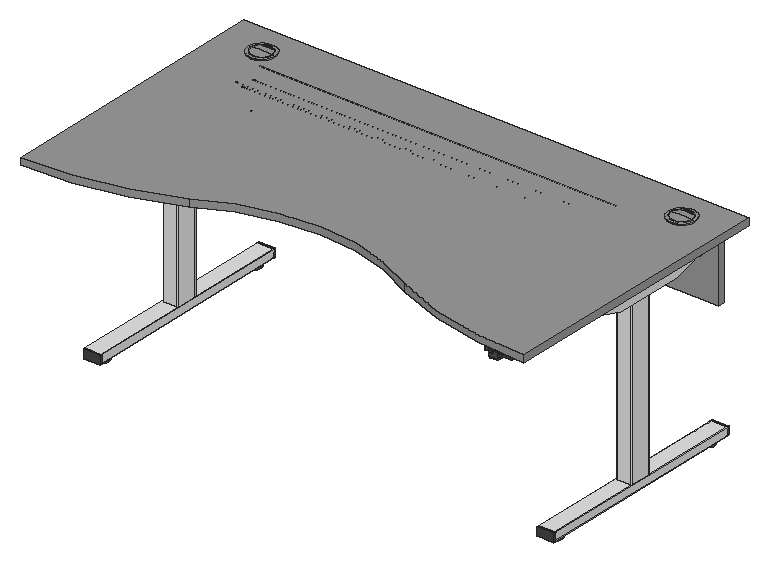
Revit family "Rise LT Double Wave Desk with Cable Ports", category Furniture, Revit 2016
Family settings
  OmniClass Number = 23.40.20.00
  OmniClass Title = General Furniture and Specialties
  Work Plane-Based = No
  Always vertical = Yes
  Cut with Voids When Loaded = No
  Shared = No
  Room Calculation Point = No
Parameters (values of type "1800 x 800 with Modesty Panel & Cable Tray")
  Width = 1800 mm
  URL = "www.gof.co.uk"
  Type Comments = ""
  Range = "RISE LT"
  Product Code = "HDLWD18P"
  Modesty Panel Visible = yes
  Modesty Panel = "BTCPW18"
  HeightControl [instance] = if(Height < 720 mm, 720 mm, (if(Height > 1200 mm, 1200 mm, Height)))  # 727 mm
  Height [instance] = 727 mm
  Desktop = Gresham - Midnight Ash
  Model = ""
  Manufacturer = "Gresham Office Furniture"  # constant formula
  Frame = Gresham - Silver Metal
  Foot = Gresham - Black Plastic
  Cable Tray Visible = yes
  Cable Tray = "MECT18"
  Assembly Code = "E2020200"
Reference planes
  plane 1 "Center (Front/Back)": y = -100
  plane 2: z = 0
  plane 3 "Center (Left/Right)": x = 0
  plane 4: x = -900
  plane 5: x = 900
  plane 6 "Desktop Underside": z = 702
  plane 7: y = 400
  plane 8: y = -600
  plane 9 "Foot": z = 15
  plane 10: z = 727
  plane 11: x = 595.86
  plane 12: x = -595.86
  plane 13 "Controls": x = 850
Forms (mm)
  Extrusion 1, solid, material "Gresham - Midnight Ash" <- "Desktop"
    sketch origin (0, 0, 702) x (-1, 0, 0) y (0, -1, 0)
      loop
        line (-900, 600) -> (-900, -400) -> (900, -400) -> (900, 599.618)
        arc (900, 599.618) -> (637.169, 574.18) -> (386.265, 491.874) r 1200
        arc (386.265, 491.874) -> (0.303, 384.491) -> (-385.659, 491.874) r 747.317
        arc (-385.659, 491.874) -> (-636.837, 574.442) -> (-900, 600) r 1200
    from 0 to 25
  Extrusion 2, solid
    sketch origin (-5, -202, 0) x (0, 1, 0) y (0, 0, 1)
      loop
        arc (244.5, 657) -> (246.621, 657.879) -> (247.5, 660) r 3
        line (247.5, 660) -> (247.5, 699)
        arc (247.5, 699) -> (246.621, 701.121) -> (244.5, 702) r 3
        line (244.5, 702) -> (207, 702) -> (207, 700) -> (244.5, 700)
        arc (244.5, 700) -> (245.207, 699.707) -> (245.5, 699) r 1
        line (245.5, 699) -> (245.5, 660)
        arc (245.5, 660) -> (245.207, 659.293) -> (244.5, 659) r 1
        line (244.5, 659) -> (210, 659)
        arc (210, 659) -> (209.293, 659.293) -> (209, 660) r 1
        line (209, 660) -> (209, 667) -> (207, 667) -> (207, 660)
        arc (207, 660) -> (207.879, 657.879) -> (210, 657) r 3
        line (210, 657) -> (244.5, 657)
    from -590.86 to 600.86
Dimensions and locks
  equal spacing: plane 4, plane 3 "Center (Left/Right)", plane 5
  "Width": plane 4 to plane 5
  equal spacing: plane 7, plane 1 "Center (Front/Back)", plane 8
  locked: plane 7 to plane 8 at 1000
  locked: plane 2 to plane 9 "Foot" at 15
  "HeightControl": plane 10 to level
  plane 10 to plane 6 "Desktop Underside" = 25 mm
  locked: nested 1 to plane 5 at 60
  locked: plane 7 to nested 1 at 12
  locked: nested 2 to plane 4 at 60
  locked: Extrusion 2 sketch curve to Extrusion 2 sketch curve at 41
  locked: plane 7 to nested 2 at 12
  locked: plane 11 to plane 5 at 304.14
  locked: plane 4 to plane 12 at 304.14
  locked: plane 13 "Controls" to plane 5 at 50
  locked: nested 3 to plane 8 at 8
  locked: nested 4 to plane 5 at 150
  locked: plane 7 to nested 4 at 110
  locked: plane 7 to nested 5 at 110
  locked: plane 4 to nested 5 at 150
  locked: plane 4 to nested 6 at 100
  locked: plane 6 "Desktop Underside" to nested 6 at 61.5
  locked: plane 7 to nested 6 at 53.5
  locked: plane 4 to nested 7 at 87
  radius of Extrusion 1 sketch curve = 1200 mm  (x2)
  aligned and locked: level to plane 2
  aligned and locked: plane 10 to Extrusion 1
  aligned and locked: plane 11 to Extrusion 2
  aligned and locked: plane 12 to Extrusion 2
  aligned and locked: nested 3 to plane 13 "Controls"
  aligned and locked: plane 6 "Desktop Underside" to nested 3
  aligned and locked: plane 8 to Extrusion 1 sketch curve
  aligned and locked: plane 10 to nested 4
  aligned and locked: nested 5 to plane 10
  aligned and locked: plane 6 "Desktop Underside" to nested 7
Automatic sketch dimensions
  Extrusion 1 sketch curve to plane 5 = 0 mm
  Extrusion 1 sketch curve to plane 3 "Center (Left/Right)" = 0.304 mm
  Extrusion 1 sketch curve to plane 4 = 0 mm
  Extrusion 1 sketch curve to plane 7 = 0 mm
  plane 5 to Extrusion 1 sketch curve = 16.293 mm
  plane 4 to Extrusion 1 sketch curve = 16.518 mm
  plane 7 to Extrusion 1 sketch curve = 200.269 mm
  Extrusion 2 sketch curve to Extrusion 2 sketch curve = 0 mm  (x7)
  Extrusion 2 sketch curve to plane 6 "Desktop Underside" = 0 mm
  Extrusion 2 sketch curve to plane 1 "Center (Front/Back)" = 105 mm
  Extrusion 2 sketch curve to plane 6 "Desktop Underside" = 2 mm
  Extrusion 2 sketch curve to Extrusion 2 sketch curve = 1 mm  (x2)
  Extrusion 2 sketch curve to Extrusion 2 sketch curve = 37.5 mm
  Extrusion 2 sketch curve to Extrusion 2 sketch curve = 34.5 mm
  Extrusion 2 sketch curve to Extrusion 2 sketch curve = 7 mm
  plane 8 to Extrusion 1 sketch curve = 108.126 mm
  Extrusion 1 sketch curve to Extrusion 1 sketch curve = 0 mm
Nested families
  nested 1: "Rise LT Leg" at (5, -202, 0), Height <- "HeightControl", type "Rise LT Leg"
    with HeightControl 727 mm, Height 727 mm
  nested 2: "Rise LT Leg" at (-5, -202, 0) x (-1, 0, 0) z (0, 0, 1), Height <- "HeightControl", type "Rise LT Leg"
    with HeightControl 727 mm, Height 727 mm
  nested 3: "Controls" at (800, -559.5, 690), type "Controls"
  nested 4: "Cable Port" at (750, 290, 727), type "Round Port"
  nested 5: "Cable Port" at (-750, 290, 727) x (-1, 0, 0) z (0, 0, 1), type "Round Port"
  nested 6: "Cable Tray" at (0, 0, 0), Height <- "Height", type "Cable Tray"
    with HeightControl 727 mm, Height 727 mm
  nested 7: "Modesty Panel" at (0, 0, 0), type "Modesty Panel"
    with HeightControl 727 mm, Height 727 mm
Definition of nested family "Rise LT Leg"
  Parameters (values of type "Rise LT Leg")
    Width = 1800 mm
    URL = "www.gof.co.uk"
    Type Comments = ""
    Range = "RISE LT"
    Product Code = ""
    Model = ""
    Manufacturer = "Gresham Office Furniture"  # constant formula
    HeightControl [instance] = if(Height < 720 mm, 720 mm, (if(Height > 1200 mm, 1200 mm, Height)))  # 727 mm
    Height [instance] = 727 mm
    Frame = none
    Foot = none
    Bung = none
    Assembly Code = "E2020200"
  Reference planes
    plane 1 "Center (Front/Back)": y = 200
    plane 2: z = 0
    plane 3 "Center (Left/Right)": x = 0
    plane 4: x = -900
    plane 5: x = 900
    plane 6 "Desktop": z = 727
    plane 7: y = 600
    plane 8: y = -200
    plane 9 "Foot": z = 15
    plane 10 "Desktop Underside": z = 702
    plane 11 "Max Height": z = 1200
    plane 12 "Max Desktop Underside": z = 1175
  Forms (mm)
    Extrusion 1, solid, material <- "Frame"
      sketch origin (0, 0, 727) x (-1, 0, 0) y (0, -1, 0)
        loop
          line (-827.511, -240) -> (-782.511, -240)
          arc (-782.511, -240) -> (-778.976, -238.536) -> (-777.511, -235) r 5
          line (-777.511, -235) -> (-777.511, -165)
          arc (-777.511, -165) -> (-778.976, -161.464) -> (-782.511, -160) r 5
          line (-782.511, -160) -> (-827.511, -160)
          arc (-827.511, -160) -> (-831.047, -161.464) -> (-832.511, -165) r 5
          line (-832.511, -165) -> (-832.511, -235)
          arc (-832.511, -235) -> (-831.047, -238.536) -> (-827.511, -240) r 5
      from -682 to -82
    Extrusion 2, solid, material <- "Frame"
      sketch origin (0, 200, 0) x (1, 0, 0) y (0, 0, 1)
        loop
          line (833, 45) -> (777, 45)
          arc (777, 45) -> (775.586, 44.414) -> (775, 43) r 2
          line (775, 43) -> (775, 17)
          arc (775, 17) -> (775.586, 15.586) -> (777, 15) r 2
          line (777, 15) -> (833, 15)
          arc (833, 15) -> (834.414, 15.586) -> (835, 17) r 2
          line (835, 17) -> (835, 43)
          arc (835, 43) -> (834.414, 44.414) -> (833, 45) r 2
      from -385 to 385
    Extrusion 3, solid, material <- "Frame"
      sketch origin (0, 200, 70) x (1, 0, 0) y (0, 0, 1)
        loop
          line (842.511, 632) -> (590.86, 632) -> (590.86, 617)
          arc (590.86, 617) -> (599.647, 595.787) -> (620.86, 587) r 30
          line (620.86, 587) -> (842.511, 587) -> (842.511, 632)
      from -47.5 to 47.5
    Extrusion 4, solid, material <- "Frame"
      sketch origin (0, 200, 70) x (1, 0, 0) y (0, 0, 1)
        loop
          line (842.511, 632) -> (842.511, 622) -> (844.511, 622) -> (844.511, 630.159) -> (860.511, 630.159) -> (860.511, 579) -> (843.693, 579) -> (843.693, 582.43) -> (841.693, 582.43) -> (841.693, 577) -> (862.511, 577) -> (862.511, 632) -> (842.511, 632)
      from -275 to 275
    Extrusion 5, void
      sketch origin (870.011, 200, 1175) x (0, 0, 1) y (0, 1, 0)
        loop
          line (-528, 0) -> (-528, 125) -> (-483, 275) -> (-473, 275) -> (-473, 333.867) -> (-576.413, 333.867) -> (-576.413, 0) -> (-576.413, -333.867) -> (-473, -333.867) -> (-473, -275) -> (-483, -275) -> (-528, -125) -> (-528, 0)
      from -29.989 to 70.011
    Extrusion 6, solid, material <- "Frame"
      sketch origin (0, 0, 727) x (-1, 0, 0) y (0, -1, 0)
        loop
          line (-827.511, -238) -> (-782.511, -238)
          arc (-782.511, -238) -> (-780.39, -237.121) -> (-779.511, -235) r 3
          line (-779.511, -235) -> (-779.511, -165)
          arc (-779.511, -165) -> (-780.39, -162.879) -> (-782.511, -162) r 3
          line (-782.511, -162) -> (-827.511, -162)
          arc (-827.511, -162) -> (-829.633, -162.879) -> (-830.511, -165) r 3
          line (-830.511, -165) -> (-830.511, -235)
          arc (-830.511, -235) -> (-829.633, -237.121) -> (-827.511, -238) r 3
      from -82 to -70
    Revolve 7, solid, material <- "Foot"
      sketch origin (0, 540, 0) x (1, 0, 0) y (0, 0, 1)
        loop
          line (804.324, 0) -> (824.324, 0) -> (814.324, 15) -> (804.324, 15) -> (804.324, 0)
        axis (804.324, 15) -> (804.324, 0)
      angle from 0 to 360
    Revolve 8, solid, material <- "Foot"
      sketch origin (0, -140, 0) x (1, 0, 0) y (0, 0, -1)
        loop
          line (804.324, 0) -> (804.324, -15) -> (814.324, -15) -> (824.324, 0) -> (804.324, 0)
        axis (804.324, -15) -> (804.324, 0)
      angle from 0 to 360
    Extrusion 9, solid, material <- "Bung"
      sketch origin (0, 201.489, 0) x (1, 0, 0) y (0, 0, 1)
        loop
          line (833, 45) -> (777, 45)
          arc (777, 45) -> (775.586, 44.414) -> (775, 43) r 2
          line (775, 43) -> (775, 17)
          arc (775, 17) -> (775.586, 15.586) -> (777, 15) r 2
          line (777, 15) -> (833, 15)
          arc (833, 15) -> (834.414, 15.586) -> (835, 17) r 2
          line (835, 17) -> (835, 43)
          arc (835, 43) -> (834.414, 44.414) -> (833, 45) r 2
      from 386.489 to 391.489
    Extrusion 10, solid, material <- "Bung"
      sketch origin (0, 198.511, 0) x (1, 0, 0) y (0, 0, -1)
        loop
          arc (833, -45) -> (834.414, -44.414) -> (835, -43) r 2
          line (835, -43) -> (835, -17)
          arc (835, -17) -> (834.414, -15.586) -> (833, -15) r 2
          line (833, -15) -> (777, -15)
          arc (777, -15) -> (775.586, -15.586) -> (775, -17) r 2
          line (775, -17) -> (775, -43)
          arc (775, -43) -> (775.586, -44.414) -> (777, -45) r 2
          line (777, -45) -> (833, -45)
      from 386.489 to 391.489
  Cuts and joins
    Extrusion 5 cuts Extrusion 4
  Dimensions and locks
    equal spacing: plane 4, plane 3 "Center (Left/Right)", plane 5
    "Width": plane 4 to plane 5
    equal spacing: plane 7, plane 1 "Center (Front/Back)", plane 8
    locked: plane 7 to plane 8 at 800
    locked: plane 9 "Foot" to level at 15
    locked: plane 6 "Desktop" to plane 10 "Desktop Underside" at 25
    locked: plane 5 to Extrusion 2 at 65
    Extrusion 3 to Extrusion 3 = 95 mm
    plane 1 "Center (Front/Back)" to Extrusion 4 = 275 mm
    equal spacing: Extrusion 4, plane 1 "Center (Front/Back)", Extrusion 4
    plane 11 "Max Height" to level = 1200 mm
    locked: Extrusion 3 sketch curve to Extrusion 3 sketch curve at 45
    locked: Extrusion 5 sketch curve to Extrusion 5 sketch curve at 103.413
    "HeightControl": plane 6 "Desktop" to level
    locked: Extrusion 1 to level at 645
    locked: Extrusion 2 to Extrusion 2 at 30
    Extrusion 2 to Revolve 7 = 45 mm
    locked: Extrusion 9 to Extrusion 9 at 5
    locked: Extrusion 5 to plane 5 at 100
    locked: Extrusion 10 to Extrusion 10 at 5
    plane 9 "Foot" to level = 15 mm
    Revolve 8 to Extrusion 9 = 45 mm
    locked: Extrusion 3 to plane 5 at 309.14
    aligned and locked: level to plane 2
    aligned and locked: Extrusion 6 to Extrusion 3
    aligned and locked: Extrusion 6 to Extrusion 1
    aligned and locked: Extrusion 2 to plane 9 "Foot"
    aligned and locked: Extrusion 1 to Extrusion 2
    aligned and locked: Extrusion 2 to Extrusion 9
    aligned and locked: Extrusion 5 to plane 5
    aligned and locked: Extrusion 2 to Extrusion 10
  Automatic sketch dimensions
    plane 1 "Center (Front/Back)" to Extrusion 1 sketch curve = 35 mm
    plane 5 to Extrusion 1 sketch curve = 67.489 mm
    Extrusion 1 sketch curve to Extrusion 1 sketch curve = 5 mm  (x3)
    Extrusion 1 sketch curve to Extrusion 1 sketch curve = 45 mm  (x2)
    Extrusion 1 sketch curve to plane 1 "Center (Front/Back)" = 35 mm
    Extrusion 2 sketch curve to plane 9 "Foot" = 0 mm
    plane 9 "Foot" to Extrusion 2 sketch curve = 2 mm  (x2)
    plane 5 to Extrusion 2 sketch curve = 125 mm
    Extrusion 2 sketch curve to Extrusion 2 sketch curve = 2 mm
    Extrusion 2 sketch curve to Extrusion 2 sketch curve = 56 mm
    Extrusion 2 sketch curve to Extrusion 2 sketch curve = 0 mm
    Extrusion 2 sketch curve to Extrusion 2 sketch curve = 26 mm
    Extrusion 3 sketch curve to plane 10 "Desktop Underside" = 0 mm
    plane 3 "Center (Left/Right)" to Extrusion 3 sketch curve = 590.86 mm
    Extrusion 3 sketch curve to Extrusion 3 sketch curve = 30 mm
    plane 5 to Extrusion 3 sketch curve = 57.489 mm
    Extrusion 4 sketch curve to plane 10 "Desktop Underside" = 0 mm
    plane 5 to Extrusion 4 sketch curve = 58.307 mm
    Extrusion 4 sketch curve to plane 10 "Desktop Underside" = 10 mm
    Extrusion 4 sketch curve to Extrusion 4 sketch curve = 0.819 mm
    Extrusion 4 sketch curve to Extrusion 4 sketch curve = 2 mm  (x4)
    Extrusion 4 sketch curve to plane 10 "Desktop Underside" = 1.841 mm
    Extrusion 4 sketch curve to Extrusion 4 sketch curve = 16 mm
    Extrusion 4 sketch curve to Extrusion 4 sketch curve = 39.57 mm
    Extrusion 4 sketch curve to Extrusion 4 sketch curve = 3.43 mm
    Extrusion 5 sketch curve to plane 1 "Center (Front/Back)" = 0 mm  (x2)
    Extrusion 5 sketch curve to plane 10 "Desktop Underside" = 0 mm  (x2)
    Extrusion 5 sketch curve to plane 10 "Desktop Underside" = 55 mm
    Extrusion 5 sketch curve to plane 10 "Desktop Underside" = 10 mm  (x2)
    Extrusion 5 sketch curve to Extrusion 5 sketch curve = 125 mm
    plane 8 to Extrusion 5 sketch curve = 125 mm
    Extrusion 5 sketch curve to Extrusion 5 sketch curve = 58.867 mm
    Extrusion 5 sketch curve to plane 1 "Center (Front/Back)" = 125 mm
    Extrusion 5 sketch curve to plane 7 = 125 mm
    Extrusion 5 sketch curve to plane 7 = 66.133 mm
    plane 1 "Center (Front/Back)" to Extrusion 6 sketch curve = 35 mm
    plane 5 to Extrusion 6 sketch curve = 69.489 mm
    Extrusion 6 sketch curve to Extrusion 6 sketch curve = 3 mm  (x3)
    Extrusion 6 sketch curve to Extrusion 6 sketch curve = 45 mm  (x2)
    Extrusion 6 sketch curve to plane 1 "Center (Front/Back)" = 35 mm
    Revolve 7 sketch curve to level = 0 mm
    Revolve 7 sketch curve to plane 9 "Foot" = 0 mm  (x2)
    plane 5 to Revolve 7 sketch curve = 95.676 mm
    Revolve 7 sketch curve to Revolve 7 sketch curve = 10 mm  (x2)
    Revolve 7 sketch curve to Revolve 7 sketch curve = 0 mm
    Revolve 7 sketch curve to Revolve 7 sketch curve = 11.548 mm
    Revolve 8 sketch curve to level = 0 mm
    Revolve 8 sketch curve to plane 9 "Foot" = 0 mm  (x2)
    plane 5 to Revolve 8 sketch curve = 95.676 mm
    Revolve 8 sketch curve to Revolve 8 sketch curve = 10 mm  (x2)
    Revolve 8 sketch curve to Revolve 8 sketch curve = 0 mm
    Revolve 8 sketch curve to Revolve 8 sketch curve = 11.548 mm
    Extrusion 9 sketch curve to plane 9 "Foot" = 0 mm
    plane 9 "Foot" to Extrusion 9 sketch curve = 28 mm
    plane 5 to Extrusion 9 sketch curve = 125 mm
    Extrusion 9 sketch curve to Extrusion 9 sketch curve = 2 mm  (x3)
    Extrusion 9 sketch curve to Extrusion 9 sketch curve = 56 mm
    Extrusion 9 sketch curve to Extrusion 9 sketch curve = 0 mm
    Extrusion 10 sketch curve to plane 9 "Foot" = 0 mm
    plane 9 "Foot" to Extrusion 10 sketch curve = 28 mm
    plane 5 to Extrusion 10 sketch curve = 125 mm
    Extrusion 10 sketch curve to Extrusion 10 sketch curve = 2 mm  (x3)
    Extrusion 10 sketch curve to Extrusion 10 sketch curve = 56 mm
    Extrusion 10 sketch curve to Extrusion 10 sketch curve = 0 mm
Definition of nested family "Controls"
  Parameters (values of type "Controls")
    URL = "www.gof.co.uk"
    Rubber Keys = none
    Range = "RANGE LT"
    Product Code = "Controls"
    Plastic Case = none
    Manufacturer = "Gresham Office Furniture"  # constant formula
  Reference planes
    plane 1 "Center (Front/Back)": y = 0
    plane 2: z = 0
    plane 3 "Center (Left/Right)": x = 0
  Forms (mm)
    Extrusion 1, solid, material <- "Plastic Case"
      sketch origin (0, 0, 0) x (1, 0, 0) y (0, 1, 0)
        loop
          arc (-45, 32.5) -> (-48.536, 31.036) -> (-50, 27.5) r 5
          line (-50, 27.5) -> (-50, -27.5)
          arc (-50, -27.5) -> (-48.536, -31.036) -> (-45, -32.5) r 5
          line (-45, -32.5) -> (45, -32.5)
          arc (45, -32.5) -> (48.536, -31.036) -> (50, -27.5) r 5
          line (50, -27.5) -> (50, 27.5)
          arc (50, 27.5) -> (48.536, 31.036) -> (45, 32.5) r 5
          line (45, 32.5) -> (-45, 32.5)
      from 0 to 12
    Sweep 2, solid, material <- "Plastic Case"
      path origin (0, 0, 2) x (0, 1, 0) y (0, 0, 1)
        loop
          line (-32.5, 6) -> (-36.392, 6)
          arc (-36.392, 6) -> (-37.474, 5.881) -> (-38.505, 5.532) r 5
          line (-38.505, 5.532) -> (-55.626, -2.452)
      profile origin (0, -34.446, 8) x (0, 0, -1) y (1, 0, 0)
        loop
          line (-4, 30) -> (-4, -30) -> (4, -30) -> (4, 30) -> (-4, 30)
    Extrusion 3, void
      sketch origin (-30, -40.195, 11.157) x (0, -0.906308, -0.422618) y (1, 0, 0)
        loop
          line (18.892, 75) -> (-7.33, 75) -> (-7.33, 60) -> (10.178, 50.091)
          arc (10.178, 50.091) -> (14.833, 46.912) -> (18.892, 43) r 33.579
          line (18.892, 43) -> (18.892, 75)
      from -13.674 to 7.77
    Extrusion 4, void
      sketch origin (30, -40.195, 11.157) x (0, -0.906308, -0.422618) y (1, 0, 0)
        loop
          line (18.892, -75) -> (18.892, -43)
          arc (18.892, -43) -> (14.833, -46.912) -> (10.178, -50.091) r 33.579
          line (10.178, -50.091) -> (-7.33, -60) -> (-7.33, -75) -> (18.892, -75)
      from -13.674 to 7.77
    Extrusion 5, solid, material <- "Rubber Keys"
      sketch origin (-30, -40.195, 11.157) x (0, -0.906308, -0.422618) y (1, 0, 0)
        loop
          line (0.281, 19.363) -> (8.531, 14.6) -> (8.531, 24.126) -> (0.281, 19.363)
        loop
          line (0.656, 35.874) -> (8.906, 40.637) -> (0.656, 45.4) -> (0.656, 35.874)
      from 0 to 1.5
  Cuts and joins
    Extrusion 3, Extrusion 4 cuts Sweep 2
  Dimensions and locks
    aligned and locked: level to plane 2
Definition of nested family "Cable Port"
  Parameters (values of type "Round Port")
    URL = "www.gof.co.uk"
    Range = "Round Cable Port"
    Product Code = "80mm Round Port"
    Round Cable Port = none
    Manufacturer = "Gresham Office Furniture"  # constant formula
  Reference planes
    plane 1 "Center (Front/Back)": y = 0
    plane 2: z = 0
    plane 3 "Center (Left/Right)": x = 0
  Forms (mm)
    Revolve 1, solid, material <- "Round Cable Port"
      sketch origin (0, 0, 0) x (1, 0, 0) y (0, 0, 1)
        loop
          line (0, 0) -> (47.5, 0) -> (47.5, 1)
          arc (47.5, 1) -> (42.507, 1.801) -> (37.5, 2.514) r 284.031
          line (37.5, 2.514) -> (37.5, 1.257) -> (36.5, 1.257) -> (36.5, 2.645)
          arc (36.5, 2.645) -> (18.288, 4.411) -> (0, 5) r 284.031
          line (0, 5) -> (0, 0)
        axis (0, 5) -> (0, 0)
      angle from 0 to 360
    Extrusion 2, void
      sketch origin (0, 0, 0) x (1, 0, 0) y (0, 1, 0)
        loop
          arc (-27.582, 25.406) -> (0, 21.5) -> (27.582, 25.406) r 99.34
          arc (27.582, 25.406) -> (0, 37.5) -> (-27.582, 25.406) r 37.5
      from -2.617 to 7.057
    Extrusion 3, solid, material <- "Round Cable Port"
      sketch origin (0, 0, 0) x (1, 0, 0) y (0, 1, 0)
        loop
          arc (27.582, 25.406) -> (0, 37.5) -> (-27.582, 25.406) r 37.5
          arc (-27.582, 25.406) -> (0, 21.5) -> (27.582, 25.406) r 99.34
      from 0 to 1
  Cuts and joins
    Extrusion 2 cuts Revolve 1
  Dimensions and locks
    aligned and locked: level to plane 2
Definition of nested family "Cable Tray"
  Parameters (values of type "Cable Tray")
    Width = 1800 mm
    URL = "www.gof.co.uk"
    Type Comments = ""
    Range = "RISE LT"
    Product Code = ""
    Modesty Panel = none
    HeightControl [instance] = if(Height < 720 mm, 720 mm, (if(Height > 1200 mm, 1200 mm, Height)))  # 727 mm
    Height [instance] = 727 mm
    Desktop = none
    Model = ""
    Manufacturer = "Gresham Office Furniture"  # constant formula
    Frame = none
    Foot = none
    Cable Tray Clips = none
    Cable Tray = yes
    Assembly Code = "E2020200"
  Reference planes
    plane 1 "Center (Front/Back)": y = 0
    plane 2: z = 0
    plane 3 "Center (Left/Right)": x = 0
    plane 4: x = -900
    plane 5: x = 900
    plane 6 "Desktop Underside": z = 702
    plane 7: y = 400
    plane 8: y = -400
    plane 9 "Foot": z = 15
    plane 10: z = 727
    plane 11 "Cable Tray Left": x = -800
    plane 12 "Cable Tray Right": x = 800
  Forms (mm)
    Extrusion 1, solid, material <- "Frame", visible <- "Cable Tray"
      sketch origin (0, 12.089, -4.885) x (0, 1, 0) y (0, 0, 1)
        loop
          circle (301.911, 615.385) r 1.5
        loop
          circle (251.911, 615.385) r 1.5
        loop
          circle (220.911, 645.385) r 1.5
        loop
          circle (332.911, 645.385) r 1.5
      from -800 to 800
    Sweep 2, solid, material <- "Frame", visible <- "Cable Tray"
      path in 3D
        loop
          line (0, 341.76, 640.5) -> (0, 333.661, 615.573)
          arc (0, 333.661, 615.573) -> (0, 332.571, 614.073) -> (0, 330.808, 613.5) r 3
          line (0, 330.808, 613.5) -> (0, 247.192, 613.5)
          arc (0, 247.192, 613.5) -> (0, 245.429, 614.073) -> (0, 244.339, 615.573) r 3
          line (0, 244.339, 615.573) -> (0, 236.24, 640.5)
      profile origin (0, 289, 613.5) x (0, 0, 1) y (-1, 0, 0)
        loop
          circle (0, 0) r 1.5
    Sweep 3, solid, material <- "Frame", visible <- "Cable Tray", not visible
      path in 3D
        loop
          line (0, 329.671, 645.385) -> (0, 321.572, 620.458)
          arc (0, 321.572, 620.458) -> (0, 320.482, 618.958) -> (0, 318.719, 618.385) r 3
          line (0, 318.719, 618.385) -> (0, 235.103, 618.385)
          arc (0, 235.103, 618.385) -> (0, 233.34, 618.958) -> (0, 232.25, 620.458) r 3
          line (0, 232.25, 620.458) -> (0, 224.151, 645.385)
      profile origin (0, 276.911, 618.385) x (0, 0, 1) y (-1, 0, 0)
        loop
          circle (0, 0) r 1.5
    Sweep 4, solid, material <- "Frame", visible <- "Cable Tray"
      path in 3D
        loop
          line (800, 342.073, 640.5) -> (800, 333.974, 615.573)
          arc (800, 333.974, 615.573) -> (800, 332.884, 614.073) -> (800, 331.121, 613.5) r 3
          line (800, 331.121, 613.5) -> (800, 247.505, 613.5)
          arc (800, 247.505, 613.5) -> (800, 245.742, 614.073) -> (800, 244.652, 615.573) r 3
          line (800, 244.652, 615.573) -> (800, 236.553, 640.5)
      profile origin (800, 289.313, 613.5) x (0, 0, 1) y (-1, 0, 0)
        loop
          circle (0, 0) r 1.5
    Sweep 5, solid, material <- "Frame", visible <- "Cable Tray"
      path in 3D
        loop
          line (-800, 342.073, 640.5) -> (-800, 333.974, 615.573)
          arc (-800, 333.974, 615.573) -> (-800, 332.884, 614.073) -> (-800, 331.121, 613.5) r 3
          line (-800, 331.121, 613.5) -> (-800, 247.505, 613.5)
          arc (-800, 247.505, 613.5) -> (-800, 245.742, 614.073) -> (-800, 244.652, 615.573) r 3
          line (-800, 244.652, 615.573) -> (-800, 236.553, 640.5)
      profile origin (-800, 289.313, 613.5) x (0, 0, 1) y (-1, 0, 0)
        loop
          circle (0, 0) r 1.5
    Sweep 6, solid, material <- "Frame", visible <- "Cable Tray"
      path in 3D
        loop
          line (100, 341.76, 640.5) -> (100, 333.661, 615.573)
          arc (100, 333.661, 615.573) -> (100, 332.571, 614.073) -> (100, 330.808, 613.5) r 3
          line (100, 330.808, 613.5) -> (100, 247.192, 613.5)
          arc (100, 247.192, 613.5) -> (100, 245.429, 614.073) -> (100, 244.339, 615.573) r 3
          line (100, 244.339, 615.573) -> (100, 236.24, 640.5)
      profile origin (100, 289, 613.5) x (0, 0, 1) y (-1, 0, 0)
        loop
          circle (0, 0) r 1.5
    Sweep 7, solid, material <- "Frame", visible <- "Cable Tray"
      path in 3D
        loop
          line (300, 341.76, 640.5) -> (300, 333.661, 615.573)
          arc (300, 333.661, 615.573) -> (300, 332.571, 614.073) -> (300, 330.808, 613.5) r 3
          line (300, 330.808, 613.5) -> (300, 247.192, 613.5)
          arc (300, 247.192, 613.5) -> (300, 245.429, 614.073) -> (300, 244.339, 615.573) r 3
          line (300, 244.339, 615.573) -> (300, 236.24, 640.5)
      profile origin (300, 289, 613.5) x (0, 0, 1) y (-1, 0, 0)
        loop
          circle (0, 0) r 1.5
    Sweep 8, solid, material <- "Frame", visible <- "Cable Tray"
      path in 3D
        loop
          line (400, 341.76, 640.5) -> (400, 333.661, 615.573)
          arc (400, 333.661, 615.573) -> (400, 332.571, 614.073) -> (400, 330.808, 613.5) r 3
          line (400, 330.808, 613.5) -> (400, 247.192, 613.5)
          arc (400, 247.192, 613.5) -> (400, 245.429, 614.073) -> (400, 244.339, 615.573) r 3
          line (400, 244.339, 615.573) -> (400, 236.24, 640.5)
      profile origin (400, 289, 613.5) x (0, 0, 1) y (-1, 0, 0)
        loop
          circle (0, 0) r 1.5
    Sweep 9, solid, material <- "Frame", visible <- "Cable Tray"
      path in 3D
        loop
          line (500, 341.76, 640.5) -> (500, 333.661, 615.573)
          arc (500, 333.661, 615.573) -> (500, 332.571, 614.073) -> (500, 330.808, 613.5) r 3
          line (500, 330.808, 613.5) -> (500, 247.192, 613.5)
          arc (500, 247.192, 613.5) -> (500, 245.429, 614.073) -> (500, 244.339, 615.573) r 3
          line (500, 244.339, 615.573) -> (500, 236.24, 640.5)
      profile origin (500, 289, 613.5) x (0, 0, 1) y (-1, 0, 0)
        loop
          circle (0, 0) r 1.5
    Sweep 10, solid, material <- "Frame", visible <- "Cable Tray"
      path in 3D
        loop
          line (600, 341.76, 640.5) -> (600, 333.661, 615.573)
          arc (600, 333.661, 615.573) -> (600, 332.571, 614.073) -> (600, 330.808, 613.5) r 3
          line (600, 330.808, 613.5) -> (600, 247.192, 613.5)
          arc (600, 247.192, 613.5) -> (600, 245.429, 614.073) -> (600, 244.339, 615.573) r 3
          line (600, 244.339, 615.573) -> (600, 236.24, 640.5)
      profile origin (600, 289, 613.5) x (0, 0, 1) y (-1, 0, 0)
        loop
          circle (0, 0) r 1.5
    Sweep 11, solid, material <- "Frame", visible <- "Cable Tray"
      path in 3D
        loop
          line (700, 341.76, 640.5) -> (700, 333.661, 615.573)
          arc (700, 333.661, 615.573) -> (700, 332.571, 614.073) -> (700, 330.808, 613.5) r 3
          line (700, 330.808, 613.5) -> (700, 247.192, 613.5)
          arc (700, 247.192, 613.5) -> (700, 245.429, 614.073) -> (700, 244.339, 615.573) r 3
          line (700, 244.339, 615.573) -> (700, 236.24, 640.5)
      profile origin (700, 289, 613.5) x (0, 0, 1) y (-1, 0, 0)
        loop
          circle (0, 0) r 1.5
    Sweep 12, solid, material <- "Frame", visible <- "Cable Tray"
      path in 3D
        loop
          line (200, 341.76, 640.5) -> (200, 333.661, 615.573)
          arc (200, 333.661, 615.573) -> (200, 332.571, 614.073) -> (200, 330.808, 613.5) r 3
          line (200, 330.808, 613.5) -> (200, 247.192, 613.5)
          arc (200, 247.192, 613.5) -> (200, 245.429, 614.073) -> (200, 244.339, 615.573) r 3
          line (200, 244.339, 615.573) -> (200, 236.24, 640.5)
      profile origin (200, 289, 613.5) x (0, 0, 1) y (-1, 0, 0)
        loop
          circle (0, 0) r 1.5
    Sweep 13, solid, material <- "Frame", visible <- "Cable Tray"
      path in 3D
        loop
          line (-100, 341.76, 640.5) -> (-100, 333.661, 615.573)
          arc (-100, 333.661, 615.573) -> (-100, 332.571, 614.073) -> (-100, 330.808, 613.5) r 3
          line (-100, 330.808, 613.5) -> (-100, 247.192, 613.5)
          arc (-100, 247.192, 613.5) -> (-100, 245.429, 614.073) -> (-100, 244.339, 615.573) r 3
          line (-100, 244.339, 615.573) -> (-100, 236.24, 640.5)
      profile origin (-100, 289, 613.5) x (0, 0, 1) y (-1, 0, 0)
        loop
          circle (0, 0) r 1.5
    Sweep 14, solid, material <- "Frame", visible <- "Cable Tray"
      path in 3D
        loop
          line (-300, 341.76, 640.5) -> (-300, 333.661, 615.573)
          arc (-300, 333.661, 615.573) -> (-300, 332.571, 614.073) -> (-300, 330.808, 613.5) r 3
          line (-300, 330.808, 613.5) -> (-300, 247.192, 613.5)
          arc (-300, 247.192, 613.5) -> (-300, 245.429, 614.073) -> (-300, 244.339, 615.573) r 3
          line (-300, 244.339, 615.573) -> (-300, 236.24, 640.5)
      profile origin (-300, 289, 613.5) x (0, 0, 1) y (-1, 0, 0)
        loop
          circle (0, 0) r 1.5
    Sweep 15, solid, material <- "Frame", visible <- "Cable Tray"
      path in 3D
        loop
          line (-400, 341.76, 640.5) -> (-400, 333.661, 615.573)
          arc (-400, 333.661, 615.573) -> (-400, 332.571, 614.073) -> (-400, 330.808, 613.5) r 3
          line (-400, 330.808, 613.5) -> (-400, 247.192, 613.5)
          arc (-400, 247.192, 613.5) -> (-400, 245.429, 614.073) -> (-400, 244.339, 615.573) r 3
          line (-400, 244.339, 615.573) -> (-400, 236.24, 640.5)
      profile origin (-400, 289, 613.5) x (0, 0, 1) y (-1, 0, 0)
        loop
          circle (0, 0) r 1.5
    Sweep 16, solid, material <- "Frame", visible <- "Cable Tray"
      path in 3D
        loop
          line (-500, 341.76, 640.5) -> (-500, 333.661, 615.573)
          arc (-500, 333.661, 615.573) -> (-500, 332.571, 614.073) -> (-500, 330.808, 613.5) r 3
          line (-500, 330.808, 613.5) -> (-500, 247.192, 613.5)
          arc (-500, 247.192, 613.5) -> (-500, 245.429, 614.073) -> (-500, 244.339, 615.573) r 3
          line (-500, 244.339, 615.573) -> (-500, 236.24, 640.5)
      profile origin (-500, 289, 613.5) x (0, 0, 1) y (-1, 0, 0)
        loop
          circle (0, 0) r 1.5
    Sweep 17, solid, material <- "Frame", visible <- "Cable Tray"
      path in 3D
        loop
          line (-600, 341.76, 640.5) -> (-600, 333.661, 615.573)
          arc (-600, 333.661, 615.573) -> (-600, 332.571, 614.073) -> (-600, 330.808, 613.5) r 3
          line (-600, 330.808, 613.5) -> (-600, 247.192, 613.5)
          arc (-600, 247.192, 613.5) -> (-600, 245.429, 614.073) -> (-600, 244.339, 615.573) r 3
          line (-600, 244.339, 615.573) -> (-600, 236.24, 640.5)
      profile origin (-600, 289, 613.5) x (0, 0, 1) y (-1, 0, 0)
        loop
          circle (0, 0) r 1.5
    Sweep 18, solid, material <- "Frame", visible <- "Cable Tray"
      path in 3D
        loop
          line (-700, 341.76, 640.5) -> (-700, 333.661, 615.573)
          arc (-700, 333.661, 615.573) -> (-700, 332.571, 614.073) -> (-700, 330.808, 613.5) r 3
          line (-700, 330.808, 613.5) -> (-700, 247.192, 613.5)
          arc (-700, 247.192, 613.5) -> (-700, 245.429, 614.073) -> (-700, 244.339, 615.573) r 3
          line (-700, 244.339, 615.573) -> (-700, 236.24, 640.5)
      profile origin (-700, 289, 613.5) x (0, 0, 1) y (-1, 0, 0)
        loop
          circle (0, 0) r 1.5
    Sweep 19, solid, material <- "Frame", visible <- "Cable Tray"
      path in 3D
        loop
          line (-200, 341.76, 640.5) -> (-200, 333.661, 615.573)
          arc (-200, 333.661, 615.573) -> (-200, 332.571, 614.073) -> (-200, 330.808, 613.5) r 3
          line (-200, 330.808, 613.5) -> (-200, 247.192, 613.5)
          arc (-200, 247.192, 613.5) -> (-200, 245.429, 614.073) -> (-200, 244.339, 615.573) r 3
          line (-200, 244.339, 615.573) -> (-200, 236.24, 640.5)
      profile origin (-200, 289, 613.5) x (0, 0, 1) y (-1, 0, 0)
        loop
          circle (0, 0) r 1.5
    Extrusion 20, solid, material <- "Cable Tray Clips", visible <- "Cable Tray"
      sketch origin (615, 0, 0) x (0, 1, 0) y (0, 0, 1)
        loop
          arc (346.5, 640.5) -> (345, 639) -> (343.5, 640.5) r 1.5
          line (343.5, 640.5) -> (343.5, 645.926) -> (340.5, 645.926) -> (340.5, 640.5)
          arc (340.5, 640.5) -> (345, 636) -> (349.5, 640.5) r 4.5
          line (349.5, 640.5) -> (349.5, 677.5)
          arc (349.5, 677.5) -> (348.692, 680.415) -> (346.5, 682.5) r 5.667
          arc (346.5, 682.5) -> (322.774, 690.464) -> (297.984, 693.899) r 134.615
          line (297.984, 693.899) -> (297.984, 697) -> (303.984, 697) -> (303.984, 702) -> (279.984, 702) -> (279.984, 697) -> (285.984, 697) -> (285.984, 693.899)
          arc (285.984, 693.899) -> (261.193, 690.464) -> (237.467, 682.5) r 134.615
          arc (237.467, 682.5) -> (235.275, 680.415) -> (234.435, 677.5) r 5.667
          line (234.435, 677.5) -> (234.435, 670.5)
          arc (234.435, 670.5) -> (232.935, 669) -> (231.435, 670.5) r 1.5
          line (231.435, 670.5) -> (231.435, 675.5) -> (228.435, 675.5) -> (228.435, 670.5)
          arc (228.435, 670.5) -> (230.365, 666.806) -> (234.5, 666.281) r 4.5
          line (234.5, 666.281) -> (234.5, 640.5)
          arc (234.5, 640.5) -> (233, 639) -> (231.5, 640.5) r 1.5
          line (231.5, 640.5) -> (231.5, 645.5) -> (228.5, 645.5) -> (228.5, 640.5)
          arc (228.5, 640.5) -> (233, 636) -> (237.5, 640.5) r 4.5
          line (237.5, 640.5) -> (237.5, 677.793)
          arc (237.5, 677.793) -> (237.882, 679.174) -> (238.92, 680.161) r 2.683
          arc (238.92, 680.161) -> (291.984, 691.033) -> (345.047, 680.161) r 134.926
          arc (345.047, 680.161) -> (346.085, 679.174) -> (346.467, 677.793) r 2.683
          line (346.467, 677.793) -> (346.467, 670.5)
          arc (346.467, 670.5) -> (344.951, 668.984) -> (343.435, 670.5) r 1.516
          line (343.435, 670.5) -> (343.435, 675.5) -> (340.435, 675.5) -> (340.435, 670.5)
          arc (340.435, 670.5) -> (342.365, 666.806) -> (346.5, 666.281) r 4.5
          line (346.5, 666.281) -> (346.5, 640.5)
      from 0 to 25
    Extrusion 21, solid, material <- "Cable Tray Clips", visible <- "Cable Tray"
      sketch origin (-615, 0, 0) x (0, 1, 0) y (0, 0, -1)
        loop
          line (346.5, -640.5) -> (346.5, -666.281)
          arc (346.5, -666.281) -> (342.365, -666.806) -> (340.435, -670.5) r 4.5
          line (340.435, -670.5) -> (340.435, -675.5) -> (343.435, -675.5) -> (343.435, -670.5)
          arc (343.435, -670.5) -> (344.951, -668.984) -> (346.467, -670.5) r 1.516
          line (346.467, -670.5) -> (346.467, -677.793)
          arc (346.467, -677.793) -> (346.085, -679.174) -> (345.047, -680.161) r 2.683
          arc (345.047, -680.161) -> (291.984, -691.033) -> (238.92, -680.161) r 134.926
          arc (238.92, -680.161) -> (237.882, -679.174) -> (237.5, -677.793) r 2.683
          line (237.5, -677.793) -> (237.5, -640.5)
          arc (237.5, -640.5) -> (233, -636) -> (228.5, -640.5) r 4.5
          line (228.5, -640.5) -> (228.5, -645.5) -> (231.5, -645.5) -> (231.5, -640.5)
          arc (231.5, -640.5) -> (233, -639) -> (234.5, -640.5) r 1.5
          line (234.5, -640.5) -> (234.5, -666.281)
          arc (234.5, -666.281) -> (230.365, -666.806) -> (228.435, -670.5) r 4.5
          line (228.435, -670.5) -> (228.435, -675.5) -> (231.435, -675.5) -> (231.435, -670.5)
          arc (231.435, -670.5) -> (232.935, -669) -> (234.435, -670.5) r 1.5
          line (234.435, -670.5) -> (234.435, -677.5)
          arc (234.435, -677.5) -> (235.275, -680.415) -> (237.467, -682.5) r 5.667
          arc (237.467, -682.5) -> (261.193, -690.464) -> (285.984, -693.899) r 134.615
          line (285.984, -693.899) -> (285.984, -697) -> (279.984, -697) -> (279.984, -702) -> (303.984, -702) -> (303.984, -697) -> (297.984, -697) -> (297.984, -693.899)
          arc (297.984, -693.899) -> (322.774, -690.464) -> (346.5, -682.5) r 134.615
          arc (346.5, -682.5) -> (348.692, -680.415) -> (349.5, -677.5) r 5.667
          line (349.5, -677.5) -> (349.5, -640.5)
          arc (349.5, -640.5) -> (345, -636) -> (340.5, -640.5) r 4.5
          line (340.5, -640.5) -> (340.5, -645.926) -> (343.5, -645.926) -> (343.5, -640.5)
          arc (343.5, -640.5) -> (345, -639) -> (346.5, -640.5) r 1.5
      from 0 to 25
  Lines and regions (mm)
    model lines, not visible
      curve 1: arc (0, 315.5, 610.5) -> (0, 314, 612) -> (0, 312.5, 610.5) r 1.5
      curve 2: arc (0, 265.5, 610.5) -> (0, 264, 612) -> (0, 262.5, 610.5) r 1.5
      curve 3: line (0, 330.808, 613.5) -> (0, 247.192, 613.5)
      curve 4: line (0, 244.339, 615.573) -> (0, 236.24, 640.5)
      curve 5: arc (0, 247.192, 613.5) -> (0, 245.429, 614.073) -> (0, 244.339, 615.573) r 3
      curve 6: line (0, 333.661, 615.573) -> (0, 341.76, 640.5)
      curve 7: arc (0, 330.808, 613.5) -> (0, 332.571, 614.073) -> (0, 333.661, 615.573) r 3
      curve 13: arc (0, 303.411, 615.385) -> (0, 301.911, 616.885) -> (0, 300.411, 615.385) r 1.5
      curve 14: arc (0, 253.411, 615.385) -> (0, 251.911, 616.885) -> (0, 250.411, 615.385) r 1.5
      curve 15: line (0, 318.719, 618.385) -> (0, 235.103, 618.385)
      curve 16: line (0, 232.25, 620.458) -> (0, 224.151, 645.385)
      curve 17: arc (0, 235.103, 618.385) -> (0, 233.34, 618.958) -> (0, 232.25, 620.458) r 3
      curve 18: line (0, 321.572, 620.458) -> (0, 329.671, 645.385)
      curve 19: arc (0, 318.719, 618.385) -> (0, 320.482, 618.958) -> (0, 321.572, 620.458) r 3
      curve 25: arc (800, 315.813, 610.5) -> (800, 314.313, 612) -> (800, 312.813, 610.5) r 1.5
      curve 26: arc (800, 265.813, 610.5) -> (800, 264.313, 612) -> (800, 262.813, 610.5) r 1.5
      curve 27: line (800, 331.121, 613.5) -> (800, 247.505, 613.5)
      curve 28: line (800, 244.652, 615.573) -> (800, 236.553, 640.5)
      curve 29: arc (800, 247.505, 613.5) -> (800, 245.742, 614.073) -> (800, 244.652, 615.573) r 3
      curve 30: line (800, 333.974, 615.573) -> (800, 342.073, 640.5)
      curve 31: arc (800, 331.121, 613.5) -> (800, 332.884, 614.073) -> (800, 333.974, 615.573) r 3
      curve 37: arc (-800, 315.813, 610.5) -> (-800, 314.313, 612) -> (-800, 312.813, 610.5) r 1.5
      curve 38: arc (-800, 265.813, 610.5) -> (-800, 264.313, 612) -> (-800, 262.813, 610.5) r 1.5
      curve 39: line (-800, 331.121, 613.5) -> (-800, 247.505, 613.5)
      curve 40: line (-800, 244.652, 615.573) -> (-800, 236.553, 640.5)
      curve 41: arc (-800, 247.505, 613.5) -> (-800, 245.742, 614.073) -> (-800, 244.652, 615.573) r 3
      curve 42: line (-800, 333.974, 615.573) -> (-800, 342.073, 640.5)
      curve 43: arc (-800, 331.121, 613.5) -> (-800, 332.884, 614.073) -> (-800, 333.974, 615.573) r 3
      curve 49: arc (100, 315.5, 610.5) -> (100, 314, 612) -> (100, 312.5, 610.5) r 1.5
      curve 50: arc (100, 265.5, 610.5) -> (100, 264, 612) -> (100, 262.5, 610.5) r 1.5
      curve 51: line (100, 330.808, 613.5) -> (100, 247.192, 613.5)
      curve 52: line (100, 244.339, 615.573) -> (100, 236.24, 640.5)
      curve 53: arc (100, 247.192, 613.5) -> (100, 245.429, 614.073) -> (100, 244.339, 615.573) r 3
      curve 54: line (100, 333.661, 615.573) -> (100, 341.76, 640.5)
      curve 55: arc (100, 330.808, 613.5) -> (100, 332.571, 614.073) -> (100, 333.661, 615.573) r 3
      curve 61: arc (300, 315.5, 610.5) -> (300, 314, 612) -> (300, 312.5, 610.5) r 1.5
      curve 62: arc (300, 265.5, 610.5) -> (300, 264, 612) -> (300, 262.5, 610.5) r 1.5
      curve 63: line (300, 330.808, 613.5) -> (300, 247.192, 613.5)
      curve 64: line (300, 244.339, 615.573) -> (300, 236.24, 640.5)
      curve 65: arc (300, 247.192, 613.5) -> (300, 245.429, 614.073) -> (300, 244.339, 615.573) r 3
      curve 66: line (300, 333.661, 615.573) -> (300, 341.76, 640.5)
      curve 67: arc (300, 330.808, 613.5) -> (300, 332.571, 614.073) -> (300, 333.661, 615.573) r 3
      curve 73: arc (400, 315.5, 610.5) -> (400, 314, 612) -> (400, 312.5, 610.5) r 1.5
      curve 74: arc (400, 265.5, 610.5) -> (400, 264, 612) -> (400, 262.5, 610.5) r 1.5
      curve 75: line (400, 330.808, 613.5) -> (400, 247.192, 613.5)
      curve 76: line (400, 244.339, 615.573) -> (400, 236.24, 640.5)
      curve 77: arc (400, 247.192, 613.5) -> (400, 245.429, 614.073) -> (400, 244.339, 615.573) r 3
      curve 78: line (400, 333.661, 615.573) -> (400, 341.76, 640.5)
      curve 79: arc (400, 330.808, 613.5) -> (400, 332.571, 614.073) -> (400, 333.661, 615.573) r 3
      curve 85: arc (500, 315.5, 610.5) -> (500, 314, 612) -> (500, 312.5, 610.5) r 1.5
      curve 86: arc (500, 265.5, 610.5) -> (500, 264, 612) -> (500, 262.5, 610.5) r 1.5
      curve 87: line (500, 330.808, 613.5) -> (500, 247.192, 613.5)
      curve 88: line (500, 244.339, 615.573) -> (500, 236.24, 640.5)
      curve 89: arc (500, 247.192, 613.5) -> (500, 245.429, 614.073) -> (500, 244.339, 615.573) r 3
      curve 90: line (500, 333.661, 615.573) -> (500, 341.76, 640.5)
      curve 91: arc (500, 330.808, 613.5) -> (500, 332.571, 614.073) -> (500, 333.661, 615.573) r 3
      curve 97: arc (600, 315.5, 610.5) -> (600, 314, 612) -> (600, 312.5, 610.5) r 1.5
      curve 98: arc (600, 265.5, 610.5) -> (600, 264, 612) -> (600, 262.5, 610.5) r 1.5
      curve 99: line (600, 330.808, 613.5) -> (600, 247.192, 613.5)
      curve 100: line (600, 244.339, 615.573) -> (600, 236.24, 640.5)
      curve 101: arc (600, 247.192, 613.5) -> (600, 245.429, 614.073) -> (600, 244.339, 615.573) r 3
      curve 102: line (600, 333.661, 615.573) -> (600, 341.76, 640.5)
      curve 103: arc (600, 330.808, 613.5) -> (600, 332.571, 614.073) -> (600, 333.661, 615.573) r 3
      curve 109: arc (700, 315.5, 610.5) -> (700, 314, 612) -> (700, 312.5, 610.5) r 1.5
      curve 110: arc (700, 265.5, 610.5) -> (700, 264, 612) -> (700, 262.5, 610.5) r 1.5
      curve 111: line (700, 330.808, 613.5) -> (700, 247.192, 613.5)
      curve 112: line (700, 244.339, 615.573) -> (700, 236.24, 640.5)
      curve 113: arc (700, 247.192, 613.5) -> (700, 245.429, 614.073) -> (700, 244.339, 615.573) r 3
      curve 114: line (700, 333.661, 615.573) -> (700, 341.76, 640.5)
      curve 115: arc (700, 330.808, 613.5) -> (700, 332.571, 614.073) -> (700, 333.661, 615.573) r 3
      curve 121: arc (200, 315.5, 610.5) -> (200, 314, 612) -> (200, 312.5, 610.5) r 1.5
      curve 122: arc (200, 265.5, 610.5) -> (200, 264, 612) -> (200, 262.5, 610.5) r 1.5
      curve 123: line (200, 330.808, 613.5) -> (200, 247.192, 613.5)
      curve 124: line (200, 244.339, 615.573) -> (200, 236.24, 640.5)
      curve 125: arc (200, 247.192, 613.5) -> (200, 245.429, 614.073) -> (200, 244.339, 615.573) r 3
      curve 126: line (200, 333.661, 615.573) -> (200, 341.76, 640.5)
      curve 127: arc (200, 330.808, 613.5) -> (200, 332.571, 614.073) -> (200, 333.661, 615.573) r 3
      curve 133: arc (-100, 315.5, 610.5) -> (-100, 314, 612) -> (-100, 312.5, 610.5) r 1.5
      curve 134: arc (-100, 265.5, 610.5) -> (-100, 264, 612) -> (-100, 262.5, 610.5) r 1.5
      curve 135: line (-100, 330.808, 613.5) -> (-100, 247.192, 613.5)
      curve 136: line (-100, 244.339, 615.573) -> (-100, 236.24, 640.5)
      curve 137: arc (-100, 247.192, 613.5) -> (-100, 245.429, 614.073) -> (-100, 244.339, 615.573) r 3
      curve 138: line (-100, 333.661, 615.573) -> (-100, 341.76, 640.5)
      curve 139: arc (-100, 330.808, 613.5) -> (-100, 332.571, 614.073) -> (-100, 333.661, 615.573) r 3
      curve 145: arc (-300, 315.5, 610.5) -> (-300, 314, 612) -> (-300, 312.5, 610.5) r 1.5
      curve 146: arc (-300, 265.5, 610.5) -> (-300, 264, 612) -> (-300, 262.5, 610.5) r 1.5
      curve 147: line (-300, 330.808, 613.5) -> (-300, 247.192, 613.5)
      curve 148: line (-300, 244.339, 615.573) -> (-300, 236.24, 640.5)
      curve 149: arc (-300, 247.192, 613.5) -> (-300, 245.429, 614.073) -> (-300, 244.339, 615.573) r 3
      curve 150: line (-300, 333.661, 615.573) -> (-300, 341.76, 640.5)
      curve 151: arc (-300, 330.808, 613.5) -> (-300, 332.571, 614.073) -> (-300, 333.661, 615.573) r 3
      curve 157: arc (-400, 315.5, 610.5) -> (-400, 314, 612) -> (-400, 312.5, 610.5) r 1.5
      curve 158: arc (-400, 265.5, 610.5) -> (-400, 264, 612) -> (-400, 262.5, 610.5) r 1.5
      curve 159: line (-400, 330.808, 613.5) -> (-400, 247.192, 613.5)
      curve 160: line (-400, 244.339, 615.573) -> (-400, 236.24, 640.5)
      curve 161: arc (-400, 247.192, 613.5) -> (-400, 245.429, 614.073) -> (-400, 244.339, 615.573) r 3
      curve 162: line (-400, 333.661, 615.573) -> (-400, 341.76, 640.5)
      curve 163: arc (-400, 330.808, 613.5) -> (-400, 332.571, 614.073) -> (-400, 333.661, 615.573) r 3
      curve 169: arc (-500, 315.5, 610.5) -> (-500, 314, 612) -> (-500, 312.5, 610.5) r 1.5
      curve 170: arc (-500, 265.5, 610.5) -> (-500, 264, 612) -> (-500, 262.5, 610.5) r 1.5
      curve 171: line (-500, 330.808, 613.5) -> (-500, 247.192, 613.5)
      curve 172: line (-500, 244.339, 615.573) -> (-500, 236.24, 640.5)
      curve 173: arc (-500, 247.192, 613.5) -> (-500, 245.429, 614.073) -> (-500, 244.339, 615.573) r 3
      curve 174: line (-500, 333.661, 615.573) -> (-500, 341.76, 640.5)
      curve 175: arc (-500, 330.808, 613.5) -> (-500, 332.571, 614.073) -> (-500, 333.661, 615.573) r 3
      curve 181: arc (-600, 315.5, 610.5) -> (-600, 314, 612) -> (-600, 312.5, 610.5) r 1.5
      curve 182: arc (-600, 265.5, 610.5) -> (-600, 264, 612) -> (-600, 262.5, 610.5) r 1.5
      curve 183: line (-600, 330.808, 613.5) -> (-600, 247.192, 613.5)
      curve 184: line (-600, 244.339, 615.573) -> (-600, 236.24, 640.5)
      curve 185: arc (-600, 247.192, 613.5) -> (-600, 245.429, 614.073) -> (-600, 244.339, 615.573) r 3
      curve 186: line (-600, 333.661, 615.573) -> (-600, 341.76, 640.5)
      curve 187: arc (-600, 330.808, 613.5) -> (-600, 332.571, 614.073) -> (-600, 333.661, 615.573) r 3
      curve 193: arc (-700, 315.5, 610.5) -> (-700, 314, 612) -> (-700, 312.5, 610.5) r 1.5
      curve 194: arc (-700, 265.5, 610.5) -> (-700, 264, 612) -> (-700, 262.5, 610.5) r 1.5
      curve 195: line (-700, 330.808, 613.5) -> (-700, 247.192, 613.5)
      curve 196: line (-700, 244.339, 615.573) -> (-700, 236.24, 640.5)
      curve 197: arc (-700, 247.192, 613.5) -> (-700, 245.429, 614.073) -> (-700, 244.339, 615.573) r 3
      curve 198: line (-700, 333.661, 615.573) -> (-700, 341.76, 640.5)
      curve 199: arc (-700, 330.808, 613.5) -> (-700, 332.571, 614.073) -> (-700, 333.661, 615.573) r 3
      curve 205: arc (-200, 315.5, 610.5) -> (-200, 314, 612) -> (-200, 312.5, 610.5) r 1.5
      curve 206: arc (-200, 265.5, 610.5) -> (-200, 264, 612) -> (-200, 262.5, 610.5) r 1.5
      curve 207: line (-200, 330.808, 613.5) -> (-200, 247.192, 613.5)
      curve 208: line (-200, 244.339, 615.573) -> (-200, 236.24, 640.5)
      curve 209: arc (-200, 247.192, 613.5) -> (-200, 245.429, 614.073) -> (-200, 244.339, 615.573) r 3
      curve 210: line (-200, 333.661, 615.573) -> (-200, 341.76, 640.5)
      curve 211: arc (-200, 330.808, 613.5) -> (-200, 332.571, 614.073) -> (-200, 333.661, 615.573) r 3
    sketch lines
      curve 8: line (0, 330.808, 613.5) -> (0, 247.192, 613.5)
      curve 9: arc (0, 247.192, 613.5) -> (0, 245.429, 614.073) -> (0, 244.339, 615.573) r 3
      curve 10: line (0, 244.339, 615.573) -> (0, 236.24, 640.5)
      curve 11: line (0, 333.661, 615.573) -> (0, 341.76, 640.5)
      curve 12: arc (0, 330.808, 613.5) -> (0, 332.571, 614.073) -> (0, 333.661, 615.573) r 3
      curve 32: line (800, 331.121, 613.5) -> (800, 247.505, 613.5)
      curve 33: arc (800, 247.505, 613.5) -> (800, 245.742, 614.073) -> (800, 244.652, 615.573) r 3
      curve 34: line (800, 244.652, 615.573) -> (800, 236.553, 640.5)
      curve 35: line (800, 333.974, 615.573) -> (800, 342.073, 640.5)
      curve 36: arc (800, 331.121, 613.5) -> (800, 332.884, 614.073) -> (800, 333.974, 615.573) r 3
      curve 44: line (-800, 331.121, 613.5) -> (-800, 247.505, 613.5)
      curve 45: arc (-800, 247.505, 613.5) -> (-800, 245.742, 614.073) -> (-800, 244.652, 615.573) r 3
      curve 46: line (-800, 244.652, 615.573) -> (-800, 236.553, 640.5)
      curve 47: line (-800, 333.974, 615.573) -> (-800, 342.073, 640.5)
      curve 48: arc (-800, 331.121, 613.5) -> (-800, 332.884, 614.073) -> (-800, 333.974, 615.573) r 3
      curve 56: line (100, 330.808, 613.5) -> (100, 247.192, 613.5)
      curve 57: arc (100, 247.192, 613.5) -> (100, 245.429, 614.073) -> (100, 244.339, 615.573) r 3
      curve 58: line (100, 244.339, 615.573) -> (100, 236.24, 640.5)
      curve 59: line (100, 333.661, 615.573) -> (100, 341.76, 640.5)
      curve 60: arc (100, 330.808, 613.5) -> (100, 332.571, 614.073) -> (100, 333.661, 615.573) r 3
      curve 68: line (300, 330.808, 613.5) -> (300, 247.192, 613.5)
      curve 69: arc (300, 247.192, 613.5) -> (300, 245.429, 614.073) -> (300, 244.339, 615.573) r 3
      curve 70: line (300, 244.339, 615.573) -> (300, 236.24, 640.5)
      curve 71: line (300, 333.661, 615.573) -> (300, 341.76, 640.5)
      curve 72: arc (300, 330.808, 613.5) -> (300, 332.571, 614.073) -> (300, 333.661, 615.573) r 3
      curve 80: line (400, 330.808, 613.5) -> (400, 247.192, 613.5)
      curve 81: arc (400, 247.192, 613.5) -> (400, 245.429, 614.073) -> (400, 244.339, 615.573) r 3
      curve 82: line (400, 244.339, 615.573) -> (400, 236.24, 640.5)
      curve 83: line (400, 333.661, 615.573) -> (400, 341.76, 640.5)
      curve 84: arc (400, 330.808, 613.5) -> (400, 332.571, 614.073) -> (400, 333.661, 615.573) r 3
      curve 92: line (500, 330.808, 613.5) -> (500, 247.192, 613.5)
      curve 93: arc (500, 247.192, 613.5) -> (500, 245.429, 614.073) -> (500, 244.339, 615.573) r 3
      curve 94: line (500, 244.339, 615.573) -> (500, 236.24, 640.5)
      curve 95: line (500, 333.661, 615.573) -> (500, 341.76, 640.5)
      curve 96: arc (500, 330.808, 613.5) -> (500, 332.571, 614.073) -> (500, 333.661, 615.573) r 3
      curve 104: line (600, 330.808, 613.5) -> (600, 247.192, 613.5)
      curve 105: arc (600, 247.192, 613.5) -> (600, 245.429, 614.073) -> (600, 244.339, 615.573) r 3
      curve 106: line (600, 244.339, 615.573) -> (600, 236.24, 640.5)
      curve 107: line (600, 333.661, 615.573) -> (600, 341.76, 640.5)
      curve 108: arc (600, 330.808, 613.5) -> (600, 332.571, 614.073) -> (600, 333.661, 615.573) r 3
      curve 116: line (700, 330.808, 613.5) -> (700, 247.192, 613.5)
      curve 117: arc (700, 247.192, 613.5) -> (700, 245.429, 614.073) -> (700, 244.339, 615.573) r 3
      curve 118: line (700, 244.339, 615.573) -> (700, 236.24, 640.5)
      curve 119: line (700, 333.661, 615.573) -> (700, 341.76, 640.5)
      curve 120: arc (700, 330.808, 613.5) -> (700, 332.571, 614.073) -> (700, 333.661, 615.573) r 3
      curve 128: line (200, 330.808, 613.5) -> (200, 247.192, 613.5)
      curve 129: arc (200, 247.192, 613.5) -> (200, 245.429, 614.073) -> (200, 244.339, 615.573) r 3
      curve 130: line (200, 244.339, 615.573) -> (200, 236.24, 640.5)
      curve 131: line (200, 333.661, 615.573) -> (200, 341.76, 640.5)
      curve 132: arc (200, 330.808, 613.5) -> (200, 332.571, 614.073) -> (200, 333.661, 615.573) r 3
      curve 140: line (-100, 330.808, 613.5) -> (-100, 247.192, 613.5)
      curve 141: arc (-100, 247.192, 613.5) -> (-100, 245.429, 614.073) -> (-100, 244.339, 615.573) r 3
      curve 142: line (-100, 244.339, 615.573) -> (-100, 236.24, 640.5)
      curve 143: line (-100, 333.661, 615.573) -> (-100, 341.76, 640.5)
      curve 144: arc (-100, 330.808, 613.5) -> (-100, 332.571, 614.073) -> (-100, 333.661, 615.573) r 3
      curve 152: line (-300, 330.808, 613.5) -> (-300, 247.192, 613.5)
      curve 153: arc (-300, 247.192, 613.5) -> (-300, 245.429, 614.073) -> (-300, 244.339, 615.573) r 3
      curve 154: line (-300, 244.339, 615.573) -> (-300, 236.24, 640.5)
      curve 155: line (-300, 333.661, 615.573) -> (-300, 341.76, 640.5)
      curve 156: arc (-300, 330.808, 613.5) -> (-300, 332.571, 614.073) -> (-300, 333.661, 615.573) r 3
      curve 164: line (-400, 330.808, 613.5) -> (-400, 247.192, 613.5)
      curve 165: arc (-400, 247.192, 613.5) -> (-400, 245.429, 614.073) -> (-400, 244.339, 615.573) r 3
      curve 166: line (-400, 244.339, 615.573) -> (-400, 236.24, 640.5)
      curve 167: line (-400, 333.661, 615.573) -> (-400, 341.76, 640.5)
      curve 168: arc (-400, 330.808, 613.5) -> (-400, 332.571, 614.073) -> (-400, 333.661, 615.573) r 3
      curve 176: line (-500, 330.808, 613.5) -> (-500, 247.192, 613.5)
      curve 177: arc (-500, 247.192, 613.5) -> (-500, 245.429, 614.073) -> (-500, 244.339, 615.573) r 3
      curve 178: line (-500, 244.339, 615.573) -> (-500, 236.24, 640.5)
      curve 179: line (-500, 333.661, 615.573) -> (-500, 341.76, 640.5)
      curve 180: arc (-500, 330.808, 613.5) -> (-500, 332.571, 614.073) -> (-500, 333.661, 615.573) r 3
      curve 188: line (-600, 330.808, 613.5) -> (-600, 247.192, 613.5)
      curve 189: arc (-600, 247.192, 613.5) -> (-600, 245.429, 614.073) -> (-600, 244.339, 615.573) r 3
      curve 190: line (-600, 244.339, 615.573) -> (-600, 236.24, 640.5)
      curve 191: line (-600, 333.661, 615.573) -> (-600, 341.76, 640.5)
      curve 192: arc (-600, 330.808, 613.5) -> (-600, 332.571, 614.073) -> (-600, 333.661, 615.573) r 3
      curve 200: line (-700, 330.808, 613.5) -> (-700, 247.192, 613.5)
      curve 201: arc (-700, 247.192, 613.5) -> (-700, 245.429, 614.073) -> (-700, 244.339, 615.573) r 3
      curve 202: line (-700, 244.339, 615.573) -> (-700, 236.24, 640.5)
      curve 203: line (-700, 333.661, 615.573) -> (-700, 341.76, 640.5)
      curve 204: arc (-700, 330.808, 613.5) -> (-700, 332.571, 614.073) -> (-700, 333.661, 615.573) r 3
      curve 212: line (-200, 330.808, 613.5) -> (-200, 247.192, 613.5)
      curve 213: arc (-200, 247.192, 613.5) -> (-200, 245.429, 614.073) -> (-200, 244.339, 615.573) r 3
      curve 214: line (-200, 244.339, 615.573) -> (-200, 236.24, 640.5)
      curve 215: line (-200, 333.661, 615.573) -> (-200, 341.76, 640.5)
      curve 216: arc (-200, 330.808, 613.5) -> (-200, 332.571, 614.073) -> (-200, 333.661, 615.573) r 3
    sketch lines, not visible
      curve 20: line (0, 318.719, 618.385) -> (0, 235.103, 618.385)
      curve 21: arc (0, 235.103, 618.385) -> (0, 233.34, 618.958) -> (0, 232.25, 620.458) r 3
      curve 22: line (0, 232.25, 620.458) -> (0, 224.151, 645.385)
      curve 23: line (0, 321.572, 620.458) -> (0, 329.671, 645.385)
      curve 24: arc (0, 318.719, 618.385) -> (0, 320.482, 618.958) -> (0, 321.572, 620.458) r 3
  Dimensions and locks
    equal spacing: plane 4, plane 3 "Center (Left/Right)", plane 5
    "Width": plane 4 to plane 5
    equal spacing: plane 7, plane 1 "Center (Front/Back)", plane 8
    locked: plane 7 to plane 8 at 800
    locked: plane 2 to plane 9 "Foot" at 15
    "HeightControl": plane 10 to level
    locked: plane 10 to plane 6 "Desktop Underside" at 25
    locked: plane 4 to plane 11 "Cable Tray Left" at 100
    locked: plane 12 "Cable Tray Right" to plane 5 at 100
    equal spacing: curve 3, curve 51, curve 123, curve 63, curve 75, curve 87, curve 99, curve 111, curve 27
    equal spacing: curve 39, curve 195, curve 183, curve 171, curve 159, curve 147, curve 207, curve 135, curve 3
    locked: plane 6 "Desktop Underside" to Extrusion 1 at 61.5
    locked: plane 7 to Extrusion 1 at 53.5
    locked: plane 6 "Desktop Underside" to Sweep 5 at 61.964
    locked: plane 6 "Desktop Underside" to Sweep 18 at 61.964
    locked: plane 6 "Desktop Underside" to Sweep 17 at 61.964
    locked: plane 6 "Desktop Underside" to Sweep 16 at 61.964
    locked: plane 6 "Desktop Underside" to Sweep 15 at 61.964
    locked: plane 6 "Desktop Underside" to Sweep 14 at 61.964
    locked: plane 6 "Desktop Underside" to Sweep 19 at 61.964
    locked: plane 6 "Desktop Underside" to Sweep 13 at 61.964
    locked: plane 6 "Desktop Underside" to Sweep 2 at 61.964
    locked: plane 6 "Desktop Underside" to Sweep 6 at 61.964
    locked: plane 6 "Desktop Underside" to Sweep 12 at 61.964
    locked: plane 6 "Desktop Underside" to Sweep 7 at 61.964
    locked: plane 6 "Desktop Underside" to Sweep 8 at 61.964
    locked: plane 6 "Desktop Underside" to Sweep 9 at 61.964
    locked: plane 6 "Desktop Underside" to Sweep 10 at 61.964
